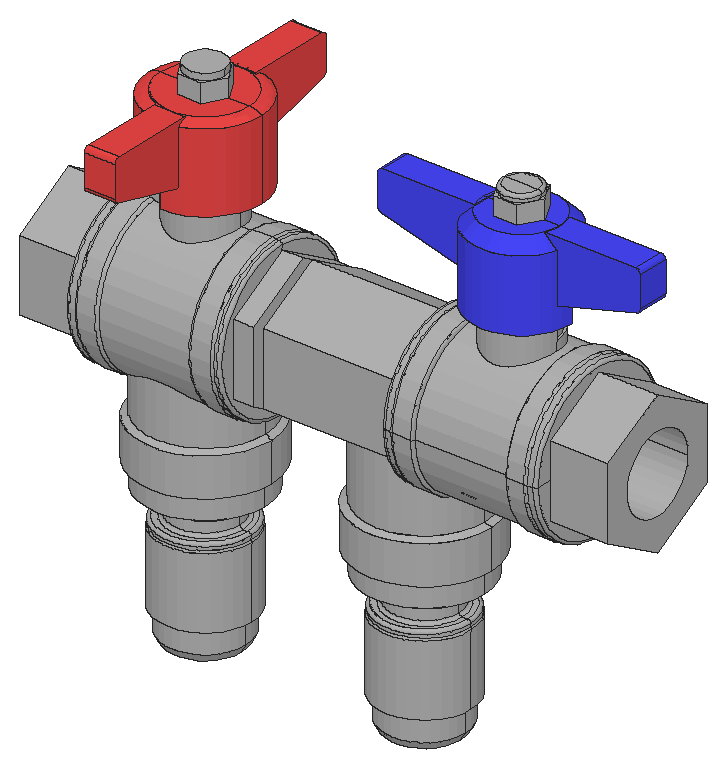
Revit family "QS01400000", category Apparecchi idraulici, Revit 2020
Family settings
  Quota connettore circolare = Usa diametro
  Tipo di parte = Normale
  Numero OmniClass = 23.45.00.00
  Titolo OmniClass = Sanitary, Laundry, and Cleaning Equipment
  Basato su piano di lavoro = No
  Sempre verticale = Sì
  Taglio con vuoti quando caricato = No
  Condiviso = No
  Punto di calcolo locali = No
Parameters
  URL = "https://web.cimberio.com/index.php/figura/844?subcategoria_id="
  Temperatura di esercizio = "-20 ÷ 90°C"
  Prospetto di default = 0 mm
  Produttore = "CIMBERIO SPA"
  Pressione nominale = "PN 25"
  Modello = "Cim C3727"
  Materiale = "Prodotto in lega di ottone conforme alla norma EN 12165-CW617N-DW"
  Descrizione = "Realizzato in ottemperanza ai requisiti gestionali della norma EN ISO 9001.\r\nCollaudato al 100% secondo la normativa EN 12266-1"
  DN [instance] = 25 mm
  Commenti sul tipo = "Utilizzato nei più svariati settori dell'impiantistica: impianti di riscaldamento, condizionamento, idrici, igienico-sanitari e in generale con ogni fluido non corrosivo"
Reference planes
  plane 1 "Centro (Fronte/Retro)": y = 0
  plane 2: z = 0
  plane 3 "Centro (Sinistra/Destra)": x = 0
Dimensions and locks
  aligned and locked: level to plane 2
Nested families
  nested 1: "QS01402154" at (0, 0, 0), type "QS01402154"
Connectors
  piping at (146.3, 0, -3.392), diameter 25, driven by "DN"
    settings: on nested 1, index 1, connector inside diameter 609.6 mm, connector length 0 mm, flow factor 0, pipe flow 0.0 L/s, pressure drop 0.0 Pa, fitting loss kfactor 0, connector angle 0.00°, fixture units 0, engagement length 0 mm, angle of deflection 0.00°, flow configuration 0, flow direction 0, fitting loss method 0, system type 7, joint type 0, gender type 0, connector reference index -1, connector utility 0, adjustable connector no, is connector primary yes, connector description ""
  piping at (-44, 0, -3.992), diameter 25, driven by "DN"
    settings: on nested 1, index 2, connector inside diameter 609.6 mm, connector length 0 mm, flow factor 0, pipe flow 0.0 L/s, pressure drop 0.0 Pa, fitting loss kfactor 0, connector angle 0.00°, fixture units 0, engagement length 0 mm, angle of deflection 0.00°, flow configuration 0, flow direction 0, fitting loss method 0, system type 7, joint type 0, gender type 0, connector reference index -1, connector utility 0, adjustable connector no, is connector primary no, connector description ""
Definition of nested family "QS01402154"
  Parameters (values of type "QS01402154")
    Default Elevation = 0 mm
  Reference planes
    plane 1 "Centro (Fronte/Retro)": y = 0
    plane 2: z = 0
    plane 3 "Centro (Sinistra/Destra)": x = 0
  Forms (mm)
    Revolve 1, solid
      sketch origin (0, 0, 0) x (1, 0, 0) y (0, 0, 1)
        loop
          line (-24.902, 7.938) -> (24.898, 7.938) -> (24.898, 20.252)
          arc (24.898, 20.252) -> (24.605, 20.959) -> (23.898, 21.252) r 1
          line (23.898, 21.252) -> (22.885, 21.252) -> (21.952, 21.502) -> (15.5, 21.502)
          arc (15.5, 21.502) -> (14.958, 21.276) -> (14.5, 20.908) r 2.102
          line (14.5, 20.908) -> (-14.5, 20.908)
          arc (-14.5, 20.908) -> (-14.931, 21.311) -> (-15.502, 21.458) r 1.189
          line (-15.502, 21.458) -> (-21.184, 21.458) -> (-21.952, 21.252) -> (-23.902, 21.252)
          arc (-23.902, 21.252) -> (-24.609, 20.959) -> (-24.902, 20.252) r 1
          line (-24.902, 20.252) -> (-24.902, 7.938)
        axis (-24.902, -3.992) -> (24.898, -3.992)
      angle from 0 to 360
    Extrusion 2, solid
      sketch origin (-24.902, 0, -3.992) x (0, 0, 1) y (0, 1, 0)
        loop
          circle (0, 0) r 12.5
        loop
          line (-23, 0) -> (-11.5, -19.919) -> (11.5, -19.919) -> (23, 0) -> (11.5, 19.919) -> (-11.5, 19.919) -> (-23, 0)
      from 0 to 19.098
    Extrusion 3, solid
      sketch origin (0, 0, 0) x (1, 0, 0) y (0, 1, 0)
        loop
          circle (0, 0) r 11.5
        loop
          circle (0, 0) r 10
      from 15.217 to 53.086
    Revolve 4, solid
      sketch origin (0, 0, 0) x (1, 0, 0) y (0, 0, 1)
        loop
          line (0, 56.8) -> (-14.329, 56.8)
          arc (-14.329, 56.8) -> (-16.377, 56.412) -> (-18.14, 55.3) r 5.592
          line (-18.14, 55.3) -> (-18.14, 29.923) -> (-12.137, 29.923) -> (-12.137, 53.816) -> (0, 53.816) -> (0, 56.8)
        axis (0, 56.8) -> (0, 29.923)
      angle from 0 to 360
    Extrusion 5, void
      sketch origin (0, 0, 0) x (1, 0, 0) y (0, 1, 0)
        loop
          arc (-18.14, 0) -> (-12.827, -12.827) -> (0, -18.14) r 18.14
          line (0, -18.14) -> (0, -12.137)
          arc (0, -12.137) -> (-8.582, -8.582) -> (-12.137, 0) r 12.137
          line (-12.137, 0) -> (-18.14, 0)
      from 29.077 to 42.685
    Extrusion 6, solid
      sketch origin (0, 0, 56.8) x (0, 1, 0) y (-1, 0, 0)
        loop
          line (-6.511, 3.759) -> (-6.511, -3.759) -> (0, -7.519) -> (6.511, -3.759) -> (6.511, 3.759) -> (0, 7.519) -> (-6.511, 3.759)
      from 0 to 6
    Extrusion 7, solid
      sketch origin (0, 0, 62.8) x (0, 1, 0) y (-1, 0, 0)
        loop
          circle (0, 0) r 6.25
      from 0 to 2
    Extrusion 8, solid
      sketch origin (0, 0, 0) x (0, -1, 0) y (0, 0, 1)
        loop
          arc (-41, 56.8) -> (-42.061, 56.361) -> (-42.5, 55.3) r 1.5
          line (-42.5, 55.3) -> (-42.5, 45.049)
          arc (-42.5, 45.049) -> (-42.19, 44.135) -> (-41.387, 43.6) r 1.5
          line (-41.387, 43.6) -> (-14.329, 36.349) -> (-14.329, 56.8) -> (-41, 56.8)
        loop
          line (41, 56.8) -> (14.329, 56.8) -> (14.329, 36.349) -> (41.387, 43.6)
          arc (41.387, 43.6) -> (42.19, 44.135) -> (42.5, 45.049) r 1.5
          line (42.5, 45.049) -> (42.5, 55.3)
          arc (42.5, 55.3) -> (42.061, 56.361) -> (41, 56.8) r 1.5
      from -5 to 5
    Extrusion 9, solid
      sketch origin (0, 0, 62.8) x (0, 1, 0) y (-1, 0, 0)
        loop
          line (0, 16) -> (-2.626, 16) -> (-2.626, 9.628) -> (0, 9.628) -> (0, 16)
      from -47.583 to -28
    Extrusion 10, solid
      sketch origin (24.902, 0, -3.992) x (0, 0, 1) y (0, -1, 0)
        loop
          circle (0, 0) r 12.5
        loop
          line (-23, 0) -> (-11.5, -19.919) -> (11.5, -19.919) -> (23, 0) -> (11.5, 19.919) -> (-11.5, 19.919) -> (-23, 0)
      from 0 to 6.898
    Revolve 11, solid
      sketch origin (102.4, 0, -3.392) x (0, -1, 0) y (1, 0, 0)
        loop
          line (9.248, 19.5) -> (9.248, -20.1) -> (22.489, -20.1)
          arc (22.489, -20.1) -> (23.203, -19.804) -> (23.498, -19.091) r 1.009
          line (23.498, -19.091) -> (23.498, -9.324)
          arc (23.498, -9.324) -> (23.406, -8.846) -> (23.099, -8.468) r 1
          arc (23.099, -8.468) -> (22.839, -7.883) -> (22.75, -7.25) r 2.298
          line (22.75, -7.25) -> (22.75, 12.315)
          arc (22.75, 12.315) -> (22.67, 12.717) -> (22.443, 13.057) r 1.049
          line (22.443, 13.057) -> (20.834, 14.666)
          arc (20.834, 14.666) -> (20.587, 15.036) -> (20.5, 15.472) r 1.139
          line (20.5, 15.472) -> (20.5, 19.5) -> (9.248, 19.5)
        axis (0, 19.5) -> (0, -20.1)
      angle from 0 to 360
    Revolve 12, solid
      sketch origin (102.4, 0, -3.392) x (-1, 0, 0) y (0, 0, 1)
        loop
          line (0, 60.8) -> (-12.25, 60.8) -> (-16.25, 56.8) -> (-16.25, 33.8) -> (-10.467, 33.8) -> (-10.467, 45.453) -> (0, 45.453) -> (0, 60.8)
        axis (0, 33.8) -> (0, 60.8)
      angle from 0 to 360
    Extrusion 13, void
      sketch origin (102.4, 0, 54.908) x (1, 0, 0) y (0, -1, 0)
        loop
          line (17.996, 0) -> (10.467, 0)
          arc (10.467, 0) -> (6.812, -7.947) -> (-1.6, -10.344) r 10.467
          line (-1.6, -10.344) -> (-1.6, -18.578)
          arc (-1.6, -18.578) -> (15.234, -16.711) -> (17.996, 0) r 14.025
      from 17.5 to 31.018
    Revolve 14, solid
      sketch origin (102.4, 0, -3.392) x (0, -1, 0) y (1, 0, 0)
        loop
          line (12.5, 24.9) -> (12.5, -24.9) -> (24.25, -24.9)
          arc (24.25, -24.9) -> (24.957, -24.607) -> (25.25, -23.9) r 1
          line (25.25, -23.9) -> (25.25, -22.33) -> (25.5, -21.397) -> (25.5, -15.5)
          arc (25.5, -15.5) -> (25.059, -15.132) -> (24.5, -15) r 1.253
          line (24.5, -15) -> (24.5, 15)
          arc (24.5, 15) -> (25.068, 15.114) -> (25.5, 15.5) r 1.101
          line (25.5, 15.5) -> (25.5, 20.967) -> (25.25, 21.9) -> (25.25, 23.9)
          arc (25.25, 23.9) -> (24.957, 24.607) -> (24.25, 24.9) r 1
          line (24.25, 24.9) -> (12.5, 24.9)
        axis (0, 24.9) -> (0, -24.9)
      angle from 0 to 360
    Extrusion 15, solid
      sketch origin (118.4, 0, -3.392) x (0, 0, 1) y (0, -1, 0)
        loop
          circle (0, 0) r 12.5
        loop
          line (23, 0) -> (11.5, 19.919) -> (-11.5, 19.919) -> (-23, 0) -> (-11.5, -19.919) -> (11.5, -19.919) -> (23, 0)
      from 8.9 to 27.9
    Extrusion 16, solid
      sketch origin (86.4, 0, -3.392) x (0, 0, 1) y (0, 1, 0)
        loop
          circle (0, 0) r 12.5
        loop
          line (23, 0) -> (11.5, 19.919) -> (-11.5, 19.919) -> (-23, 0) -> (-11.5, -19.919) -> (11.5, -19.919) -> (23, 0)
      from 8.9 to 51.6
    Revolve 17, solid
      sketch origin (84.2, 0, -3.392) x (-1, 0, 0) y (0, 0, 1)
        loop
          line (31.9, 12.5) -> (52.4, 12.5) -> (52.4, 14.727) -> (49.307, 16.575) -> (31.9, 16.575) -> (31.9, 12.5)
        axis (52.4, 0) -> (31.9, 0)
      angle from 0 to 360
    Revolve 18, solid
      sketch origin (102.4, 0, -3.392) x (-1, 0, 0) y (0, 0, 1)
        loop
          line (0, 42.985) -> (-11.5, 42.985) -> (-11.5, 21.195) -> (0, 21.195) -> (0, 42.985)
        axis (0, 21.195) -> (0, 42.985)
      angle from 0 to 360
    Revolve 19, solid
      sketch origin (102.4, 0, -3.392) x (-1, 0, 0) y (0, 0, 1)
        loop
          line (0, 68.8) -> (0, 66.8) -> (6.25, 66.8) -> (6.25, 67.8)
          arc (6.25, 67.8) -> (5.957, 68.507) -> (5.25, 68.8) r 1
          line (5.25, 68.8) -> (0, 68.8)
        axis (0, 68.8) -> (0, 66.8)
      angle from 0 to 360
    Extrusion 20, solid
      sketch origin (102.4, 0, 54.908) x (0, -1, 0) y (1, 0, 0)
        loop
          line (0, -7.501) -> (6.496, -3.751) -> (6.496, 3.751) -> (0, 7.501) -> (-6.496, 3.751) -> (-6.496, -3.751) -> (0, -7.501)
      from 2.5 to 8.5
    Extrusion 21, solid
      sketch origin (102.4, 0, -3.392) x (-1, 0, 0) y (0, 0, 1)
        loop
          line (-11.107, 60.8) -> (-41, 60.8)
          arc (-41, 60.8) -> (-42.061, 60.361) -> (-42.5, 59.3) r 1.5
          line (-42.5, 59.3) -> (-42.5, 49.451)
          arc (-42.5, 49.451) -> (-42.19, 48.538) -> (-41.388, 48.002) r 1.5
          line (-41.388, 48.002) -> (-15.779, 41.14) -> (-11.107, 41.14) -> (-11.107, 60.8)
        loop
          line (11.107, 60.8) -> (11.107, 41.14) -> (15.779, 41.14) -> (41.388, 48.002)
          arc (41.388, 48.002) -> (42.19, 48.538) -> (42.5, 49.451) r 1.5
          line (42.5, 49.451) -> (42.5, 59.3)
          arc (42.5, 59.3) -> (42.061, 60.361) -> (41, 60.8) r 1.5
          line (41, 60.8) -> (11.107, 60.8)
      from -5 to 5
    Revolve 22, solid
      sketch origin (0, 0, 0) x (1, 0, 0) y (0, 0, 1)
        loop
          line (-19.6, -14.418) -> (-19.6, -36.338) -> (-21.6, -37.492) -> (-21.6, -49.992) -> (-19.35, -49.992) -> (-19.35, -57.482) -> (-17.6, -58.492) -> (-13.225, -58.492)
          arc (-13.225, -58.492) -> (-12.591, -58.934) -> (-11.841, -59.122) r 2.151
          arc (-11.841, -59.122) -> (-11.307, -59.48) -> (-11.1, -60.088) r 1
          line (-11.1, -60.088) -> (-11.1, -65.656)
          arc (-11.1, -65.656) -> (-11.393, -66.363) -> (-12.1, -66.656) r 1
          line (-12.1, -66.656) -> (-13.85, -66.656)
          arc (-13.85, -66.656) -> (-14.557, -66.949) -> (-14.85, -67.656) r 1
          line (-14.85, -67.656) -> (-14.85, -68.656) -> (-15.1, -69.425) -> (-15.1, -92.356) -> (0, -92.356) -> (0, -14.418) -> (-19.6, -14.418)
        axis (0, -92.356) -> (0, -14.418)
      angle from 0 to 360
    Revolve 23, solid
      sketch origin (0, 0, 0) x (1, 0, 0) y (0, 0, 1)
        loop
          line (0, -92.356) -> (-13.224, -92.356) -> (-13.224, -99.856) -> (-11.782, -102.356) -> (0, -102.356) -> (0, -92.356)
        axis (0, -102.356) -> (0, -92.356)
      angle from 0 to 360
    Revolve 24, solid
      sketch origin (70.979, 0, -0.469) x (1, 0, 0) y (0, 0, 1)
        loop
          line (-19.6, -14.418) -> (-19.6, -36.338) -> (-21.6, -37.492) -> (-21.6, -49.992) -> (-19.35, -49.992) -> (-19.35, -57.482) -> (-17.6, -58.492) -> (-13.225, -58.492)
          arc (-13.225, -58.492) -> (-12.591, -58.934) -> (-11.841, -59.122) r 2.151
          arc (-11.841, -59.122) -> (-11.307, -59.48) -> (-11.1, -60.088) r 1
          line (-11.1, -60.088) -> (-11.1, -65.656)
          arc (-11.1, -65.656) -> (-11.393, -66.363) -> (-12.1, -66.656) r 1
          line (-12.1, -66.656) -> (-13.85, -66.656)
          arc (-13.85, -66.656) -> (-14.557, -66.949) -> (-14.85, -67.656) r 1
          line (-14.85, -67.656) -> (-14.85, -68.656) -> (-15.1, -69.425) -> (-15.1, -92.356) -> (0, -92.356) -> (0, -14.418) -> (-19.6, -14.418)
        axis (0, -92.356) -> (0, -14.418)
      angle from 0 to 360
    Revolve 25, solid
      sketch origin (70.979, 0, -0.469) x (1, 0, 0) y (0, 0, 1)
        loop
          line (0, -92.356) -> (-13.224, -92.356) -> (-13.224, -99.856) -> (-11.782, -102.356) -> (0, -102.356) -> (0, -92.356)
        axis (0, -102.356) -> (0, -92.356)
      angle from 0 to 360
  Cuts and joins
    Extrusion 5 cuts Revolve 1
    Extrusion 5, Extrusion 13 cuts Revolve 4
    Extrusion 13 cuts Extrusion 3
    Extrusion 13 cuts Extrusion 8
    Extrusion 13 cuts Extrusion 9
    Extrusion 13 cuts Revolve 12
    Extrusion 13 cuts Revolve 18
  Dimensions and locks
    aligned and locked: level to plane 2
